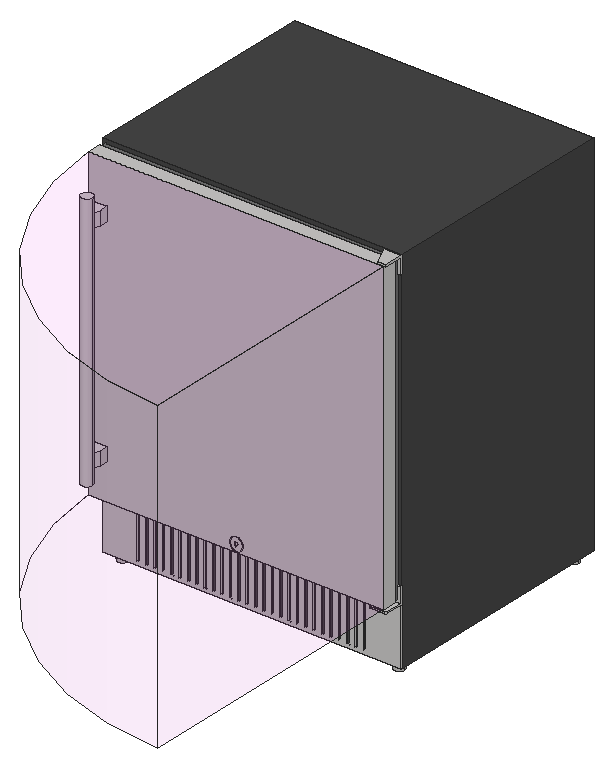
Revit family "QF_Summit_FF27BSS_All_Refrigerator", category Specialty Equipment, Revit 2020
Family settings
  Round Connector Dimension = Use Diameter
  Part Type = Normal
  Work Plane-Based = No
  Always vertical = Yes
  Cut with Voids When Loaded = No
  Shared = No
  Room Calculation Point = No
Parameters
  Weight in Pounds = 101
  Watts = if(Phase = 3, Volts * FL Amps * 1.73, Volts * FL Amps)  # 143.75 W
  Volts = 115 V
  URL Cutsheet = ""
  Specification by User = ""
  Specification by Manufacturer = ""
  Show RHD [instance] = yes
  Show LHD [instance] = not(Show RHD)  # no
  Show Feet [instance] = not(Show Casters)  # yes
  Show Clearance [instance] = yes
  Show Casters [instance] = no
  Serial Number = ""
  Seismic Rating = ""
  SMACNA No = ""
  Revision Code = ""
  Phase = 1
  Number of Poles = 1
  NAFEM Spec ID Number = ""
  Model = "FF27BSS"
  Min Ckt Ampacity = 0 A
  Max Overcurrent Protection = 0 A
  Masterspec = ""
  Manufacturer = "Summit"
  Length = 26 3/4"
  Item Number = ""
  Installed By = ""
  Identify Quantity as Lot = yes
  Height = 33 7/8"
  HP = ""
  Furnished By = ""
  Foodservice Equipment Identifier = yes
  FL Amps = 1.25 A
  Electrical Remarks = ""
  Electric Connection Type = ""
  Elec Conn RI Height = 0"
  Elec Conn Connection Height = 0"
  Description = "All-Refrigerator"
  Depth = 23 1/4"
  Default Elevation = 0"
  Cycle = 60 Hz
  Conn Plug = ""
  Conn Conduit = yes
  CSI MasterFormat = ""
  Base Hieght [instance] = if(Show Feet, 3/4", if(Show Casters, 3", 3/4"))  # 3/4"
  Apparent Power = if(Phase = 3, Volts * FL Amps * 1.73, Volts * FL Amps)  # 143.75 VA
Reference planes (in)
  plane 1 "BACK": y = 0
  plane 2: z = 0
  plane 3 "LEFT": x = 0
  plane 4 "RIGHT": x = 26.75
  plane 5 "FRONT": y = -23.25
  plane 6 "TOP": z = 33.875
  plane 7 "Center Y": x = 13.375
  plane 8 "Center X": y = -11.625
  plane 9 "Base Height": z = 0.75
  plane 10: y = -48.5
  plane 11: y = -25.25
  plane 12: y = -21.5
  plane 13: z = 5.875
Forms (in)
  Extrusion 1, solid, material "QF_Metal_Black"
    sketch origin (0, 0, 0.75) x (-1, 0, 0) y (0, -1, 0)
      loop
        line (0, 0) -> (0, 21.5) -> (-26.75, 21.5) -> (-26.75, 0) -> (0, 0)
    from 0 to 33.125
  Extrusion 2, solid, material "QF_Rubber - Black - Smooth"
    sketch origin (26.75, -21.5, 0.75) x (-1, 0, 0) y (0, 0, -1)
      loop
        line (0.3125, -32.8125) -> (26.4375, -32.8125) -> (26.4375, -5.4375) -> (0.3125, -5.4375) -> (0.3125, -32.8125)
    from 0 to 0.5
  Extrusion 3, solid, material "QF_Metal - Stainless - Polished"
    sketch origin (26.75, -22, 0.75) x (-1, 0, 0) y (0, 0, -1)
      loop
        line (0.1875, -32.875) -> (26.5625, -32.875) -> (26.5625, -5.375) -> (0.1875, -5.375) -> (0.1875, -32.875)
    from 0 to 1.25
  Extrusion 4, solid, material "QF_Metal - Stainless - Polished"
    sketch origin (26.75, -21.5, 0.75) x (-1, 0, 0) y (0, 0, -1)
      loop
        line (26.75, -5.125) -> (26.75, 0) -> (0, 0) -> (0, -5.125) -> (26.75, -5.125)
      loop
        line (23.375, -0.3125) -> (23.375, -4.8125) -> (23.625, -4.8125) -> (23.625, -0.3125) -> (23.375, -0.3125)
      loop
        line (22.625, -0.3125) -> (22.625, -4.8125) -> (22.875, -4.8125) -> (22.875, -0.3125) -> (22.625, -0.3125)
      loop
        line (21.875, -0.3125) -> (21.875, -4.8125) -> (22.125, -4.8125) -> (22.125, -0.3125) -> (21.875, -0.3125)
      loop
        line (21.125, -0.3125) -> (21.125, -4.8125) -> (21.375, -4.8125) -> (21.375, -0.3125) -> (21.125, -0.3125)
      loop
        line (20.625, -4.8125) -> (20.625, -0.3125) -> (20.375, -0.3125) -> (20.375, -4.8125) -> (20.625, -4.8125)
      loop
        line (19.875, -4.8125) -> (19.875, -0.3125) -> (19.625, -0.3125) -> (19.625, -4.8125) -> (19.875, -4.8125)
      loop
        line (19.125, -4.8125) -> (19.125, -0.3125) -> (18.875, -0.3125) -> (18.875, -4.8125) -> (19.125, -4.8125)
      loop
        line (18.375, -4.8125) -> (18.375, -0.3125) -> (18.125, -0.3125) -> (18.125, -4.8125) -> (18.375, -4.8125)
      loop
        line (17.625, -4.8125) -> (17.625, -0.3125) -> (17.375, -0.3125) -> (17.375, -4.8125) -> (17.625, -4.8125)
      loop
        line (16.875, -4.8125) -> (16.875, -0.3125) -> (16.625, -0.3125) -> (16.625, -4.8125) -> (16.875, -4.8125)
      loop
        line (16.125, -4.8125) -> (16.125, -0.3125) -> (15.875, -0.3125) -> (15.875, -4.8125) -> (16.125, -4.8125)
      loop
        line (15.375, -4.8125) -> (15.375, -0.3125) -> (15.125, -0.3125) -> (15.125, -4.8125) -> (15.375, -4.8125)
      loop
        line (14.625, -4.8125) -> (14.625, -0.3125) -> (14.375, -0.3125) -> (14.375, -4.8125) -> (14.625, -4.8125)
      loop
        line (13.875, -4.8125) -> (13.875, -0.3125) -> (13.625, -0.3125) -> (13.625, -4.8125) -> (13.875, -4.8125)
      loop
        line (13.125, -4.8125) -> (13.125, -0.3125) -> (12.875, -0.3125) -> (12.875, -4.8125) -> (13.125, -4.8125)
      loop
        line (12.375, -4.8125) -> (12.375, -0.3125) -> (12.125, -0.3125) -> (12.125, -4.8125) -> (12.375, -4.8125)
      loop
        line (11.625, -4.8125) -> (11.625, -0.3125) -> (11.375, -0.3125) -> (11.375, -4.8125) -> (11.625, -4.8125)
      loop
        line (10.875, -4.8125) -> (10.875, -0.3125) -> (10.625, -0.3125) -> (10.625, -4.8125) -> (10.875, -4.8125)
      loop
        line (10.125, -4.8125) -> (10.125, -0.3125) -> (9.875, -0.3125) -> (9.875, -4.8125) -> (10.125, -4.8125)
      loop
        line (9.375, -4.8125) -> (9.375, -0.3125) -> (9.125, -0.3125) -> (9.125, -4.8125) -> (9.375, -4.8125)
      loop
        line (8.625, -4.8125) -> (8.625, -0.3125) -> (8.375, -0.3125) -> (8.375, -4.8125) -> (8.625, -4.8125)
      loop
        line (7.875, -4.8125) -> (7.875, -0.3125) -> (7.625, -0.3125) -> (7.625, -4.8125) -> (7.875, -4.8125)
      loop
        line (6.875, -0.3125) -> (6.875, -4.8125) -> (7.125, -4.8125) -> (7.125, -0.3125) -> (6.875, -0.3125)
      loop
        line (6.375, -4.8125) -> (6.375, -0.3125) -> (6.125, -0.3125) -> (6.125, -4.8125) -> (6.375, -4.8125)
      loop
        line (5.625, -4.8125) -> (5.625, -0.3125) -> (5.375, -0.3125) -> (5.375, -4.8125) -> (5.625, -4.8125)
      loop
        line (4.875, -4.8125) -> (4.875, -0.3125) -> (4.625, -0.3125) -> (4.625, -4.8125) -> (4.875, -4.8125)
      loop
        line (3.875, -0.3125) -> (3.875, -4.8125) -> (4.125, -4.8125) -> (4.125, -0.3125) -> (3.875, -0.3125)
      loop
        line (3.125, -0.3125) -> (3.125, -4.8125) -> (3.375, -4.8125) -> (3.375, -0.3125) -> (3.125, -0.3125)
    from -0.0625 to 0.03516
  Revolve 5, solid, material "QF_Metal - Stainless - Polished", visible <- "Show Feet"
    sketch origin (0, -1, 0) x (1, 0, 0) y (0, 0, 1)
      loop
        line (25.75886, 0) -> (25.75886, 0.75) -> (25.1875, 0.75) -> (25.31256, 0) -> (25.75886, 0)
      axis (25.75886, 0.75) -> (25.75886, 0)
    angle from 0 to 360
  Revolve 6, solid, material "QF_Metal - Stainless - Polished", visible <- "Show Feet"
    sketch origin (26.75, -1, 0) x (-1, 0, 0) y (0, 0, 1)
      loop
        line (25.75886, 0) -> (25.75886, 0.75) -> (25.1875, 0.75) -> (25.31256, 0) -> (25.75886, 0)
      axis (25.75886, 0.75) -> (25.75886, 0)
    angle from 0 to 360
  Revolve 7, solid, material "QF_Metal - Stainless - Polished", visible <- "Show Feet"
    sketch origin (0, -20.5, 0) x (1, 0, 0) y (0, 0, 1)
      loop
        line (25.75886, 0) -> (25.75886, 0.75) -> (25.1875, 0.75) -> (25.31256, 0) -> (25.75886, 0)
      axis (25.75886, 0.75) -> (25.75886, 0)
    angle from 0 to 360
  Revolve 8, solid, material "QF_Metal - Stainless - Polished", visible <- "Show Feet"
    sketch origin (26.75, -20.5, 0) x (-1, 0, 0) y (0, 0, 1)
      loop
        line (25.75886, 0) -> (25.75886, 0.75) -> (25.1875, 0.75) -> (25.31256, 0) -> (25.75886, 0)
      axis (25.75886, 0.75) -> (25.75886, 0)
    angle from 0 to 360
  Extrusion 9, solid, material "QF_Metal - Stainless - Polished", visible <- "Show RHD"
    sketch origin (0, 0, 0.75) x (-1, 0, 0) y (0, -1, 0)
      loop
        circle (-1.1875, 24.75) r 0.5
    from 7.3125 to 30.3125
  Extrusion 10, solid, material "QF_Metal - Stainless - Polished", visible <- "Show RHD"
    sketch origin (0, 0, 0.75) x (-1, 0, 0) y (0, -1, 0)
      loop
        line (-0.5625, 23.25) -> (-0.5625, 24) -> (-0.74842, 24.51081)
        arc (-0.74842, 24.51081) -> (-1.1875, 24.25) -> (-1.62658, 24.51081) r 0.5
        line (-1.62658, 24.51081) -> (-1.8125, 24) -> (-1.8125, 23.25) -> (-0.5625, 23.25)
    from 27.8125 to 29.0625
  Extrusion 11, solid, material "QF_Metal - Stainless - Polished", visible <- "Show RHD"
    sketch origin (0, 0, 0.75) x (-1, 0, 0) y (0, -1, 0)
      loop
        line (-1.8125, 24) -> (-1.8125, 23.25) -> (-0.5625, 23.25) -> (-0.5625, 24) -> (-0.74842, 24.51081)
        arc (-0.74842, 24.51081) -> (-1.1875, 24.25) -> (-1.62658, 24.51081) r 0.5
        line (-1.62658, 24.51081) -> (-1.8125, 24)
    from 8.5625 to 9.8125
  Extrusion 12, solid, material "QF_Metal - Stainless - Polished", visible <- "Show RHD"
    sketch origin (26.75, -21.5, 0.75) x (-1, 0, 0) y (0, 0, -1)
      loop
        line (0, -33.125) -> (1.5, -33.125) -> (1.5, -32.875) -> (0.25, -32.875) -> (0.25, -31.625) -> (0, -31.625) -> (0, -33.125)
      loop
        line (0, -5.125) -> (0, -6.625) -> (0.25, -6.625) -> (0.25, -5.375) -> (1.5, -5.375) -> (1.5, -5.125) -> (0, -5.125)
    from 0 to 0.125
  Extrusion 13, solid, material "QF_Metal - Stainless - Polished", visible <- "Show RHD"
    sketch origin (26.75, -21.5, 33.875) x (-1, 0, 0) y (0, -1, 0)
      loop
        line (1.5, 0) -> (1.5, 0.125) -> (0.6875, 1.75) -> (0, 1.75) -> (0, 0) -> (1.5, 0)
    from 0 to -0.125
  Extrusion 14, solid, material "QF_Metal - Stainless - Polished"
    sketch origin (26.75, -21.5, 33.75) x (0, -1, 0) y (-1, 0, 0)
      loop
        circle (1.1875, 0.75) r 0.11776
    from 0 to 0.125
  Extrusion 15, solid, material "QF_Metal - Stainless - Polished", visible <- "Show RHD"
    sketch origin (26.75, -21.5, 5.875) x (0, 1, 0) y (1, 0, 0)
      loop
        line (-0.125, 0) -> (-1.61884, 0)
        arc (-1.61884, 0) -> (-1.71158, -0.03842) -> (-1.75, -0.13116) r 0.13116
        line (-1.75, -0.13116) -> (-1.75, -1.36719)
        arc (-1.75, -1.36719) -> (-1.7111, -1.4611) -> (-1.61719, -1.5) r 0.13281
        line (-1.61719, -1.5) -> (-0.125, -1.5) -> (-0.125, 0)
    from 0 to -0.125
  Extrusion 16, solid, material "QF_Metal - Stainless - Polished"
    sketch origin (26.75, -21.5, 6) x (0, 1, 0) y (-1, 0, 0)
      loop
        circle (-1.1875, 0.75) r 0.11776
      loop
        circle (-1.1875, 1.19544) r 0.11776
    from 0 to 0.125
  Extrusion 17, solid, material "QF_Rubber - Black - Smooth"
    sketch origin (-4.07559, 0, 0.75) x (1, 0, 0) y (0, 0, -1)
      loop
        circle (24.63475, -1.63661) r 0.25
    from 0 to 0.0625
  Extrusion 18, void
    sketch origin (26.75, -23.25, 0.75) x (1, 0, 0) y (0, 0, -1)
      loop
        circle (-13.375, -6.03137) r 0.57159
    from -0.0625 to 0.0625
  Extrusion 19, solid, material "QF_Metal - Stainless - Polished", visible <- "Show RHD"
    sketch origin (26.75, -23.1875, 0.75) x (-1, 0, 0) y (0, 0, -1)
      loop
        circle (13.375, -6.03265) r 0.5625
      loop
        circle (13.375, -6.03265) r 0.1875
    from 0 to 0.0625
  Extrusion 20, solid, material "QF_Clearances_Door_Drawer", visible <- "Show RHD"
    sketch origin (0, 0, 0.75) x (-1, 0, 0) y (0, -1, 0)
      loop
        line (-26.5625, 48.49414) -> (-26.5625, 23.25) -> (-0.18177, 23.25)
        arc (-0.18177, 23.25) -> (-8.45797, 41.00749) -> (-26.5625, 48.49414) r 27
    from 5.375 to 32.875
  Extrusion 21, solid, material "QF_Metal - Stainless - Polished", visible <- "Show LHD"
    sketch origin (26.75, 0, 0.75) x (1, 0, 0) y (0, 1, 0)
      loop
        circle (-1.1875, -24.75) r 0.5
    from 7.3125 to 30.3125
  Extrusion 22, solid, material "QF_Metal - Stainless - Polished", visible <- "Show LHD"
    sketch origin (26.75, 0, 0.75) x (1, 0, 0) y (0, 1, 0)
      loop
        line (-0.5625, -23.25) -> (-1.8125, -23.25) -> (-1.8125, -24) -> (-1.62658, -24.51081)
        arc (-1.62658, -24.51081) -> (-1.1875, -24.25) -> (-0.74842, -24.51081) r 0.5
        line (-0.74842, -24.51081) -> (-0.5625, -24) -> (-0.5625, -23.25)
    from 27.8125 to 29.0625
  Extrusion 23, solid, material "QF_Metal - Stainless - Polished", visible <- "Show LHD"
    sketch origin (26.75, 0, 0.75) x (1, 0, 0) y (0, 1, 0)
      loop
        line (-1.8125, -24) -> (-1.62658, -24.51081)
        arc (-1.62658, -24.51081) -> (-1.1875, -24.25) -> (-0.74842, -24.51081) r 0.5
        line (-0.74842, -24.51081) -> (-0.5625, -24) -> (-0.5625, -23.25) -> (-1.8125, -23.25) -> (-1.8125, -24)
    from 8.5625 to 9.8125
  Extrusion 24, solid, material "QF_Metal - Stainless - Polished", visible <- "Show LHD"
    sketch origin (0, -21.5, 0.75) x (1, 0, 0) y (0, 0, 1)
      loop
        line (0, 33.125) -> (0, 31.625) -> (0.25, 31.625) -> (0.25, 32.875) -> (1.5, 32.875) -> (1.5, 33.125) -> (0, 33.125)
      loop
        line (0, 5.125) -> (1.5, 5.125) -> (1.5, 5.375) -> (0.25, 5.375) -> (0.25, 6.625) -> (0, 6.625) -> (0, 5.125)
    from 0 to 0.125
  Extrusion 25, solid, material "QF_Metal - Stainless - Polished", visible <- "Show LHD"
    sketch origin (0, -21.5, 33.875) x (1, 0, 0) y (0, 1, 0)
      loop
        line (1.5, 0) -> (0, 0) -> (0, -1.75) -> (0.6875, -1.75) -> (1.5, -0.125) -> (1.5, 0)
    from 0 to -0.125
  Extrusion 26, solid, material "QF_Metal - Stainless - Polished", visible <- "Show LHD"
    sketch origin (0, -21.5, 5.875) x (0, -1, 0) y (-1, 0, 0)
      loop
        line (0.125, 0) -> (0.125, -1.5) -> (1.61719, -1.5)
        arc (1.61719, -1.5) -> (1.7111, -1.4611) -> (1.75, -1.36719) r 0.13281
        line (1.75, -1.36719) -> (1.75, -0.13116)
        arc (1.75, -0.13116) -> (1.71158, -0.03842) -> (1.61884, 0) r 0.13116
        line (1.61884, 0) -> (0.125, 0)
    from 0 to -0.125
  Extrusion 27, solid, material "QF_Metal - Stainless - Polished", visible <- "Show LHD"
    sketch origin (0, -23.1875, 0.75) x (1, 0, 0) y (0, 0, 1)
      loop
        circle (13.375, 6.03265) r 0.5625
      loop
        circle (13.375, 6.03265) r 0.1875
    from 0 to 0.0625
  Extrusion 28, solid, material "QF_Clearances_Door_Drawer", visible <- "Show LHD"
    sketch origin (26.75, 0, 0.75) x (1, 0, 0) y (0, 1, 0)
      loop
        arc (-26.5625, -48.49414) -> (-8.45797, -41.00749) -> (-0.18177, -23.25) r 27
        line (-0.18177, -23.25) -> (-26.5625, -23.25) -> (-26.5625, -48.49414)
    from 5.375 to 32.875
Cuts and joins
  joined: Extrusion 12, Extrusion 13, Extrusion 15
  Extrusion 18 cuts Extrusion 3
Lines and regions (in)
  symbolic lines
    curve 1: line (0, 0, 0.75) -> (26.75, 0, 0.75)
    curve 2: line (0, -21.5, 0.75) -> (0, 0, 0.75)
    curve 3: line (26.75, -21.5, 0.75) -> (0, -21.5, 0.75)
    curve 4: line (26.75, 0, 0.75) -> (26.75, -21.5, 0.75)
  symbolic lines, visible <- "Show RHD"
    curve 5: line (0.3125, -21.5, 0.75) -> (0.3125, -22, 0.75)
    curve 6: line (0.1875, -22, 0.75) -> (0.1875, -23.25, 0.75)
    curve 7: line (25.4375, -22, 0.75) -> (0.1875, -22, 0.75)
    curve 8: line (0.1875, -23.25, 0.75) -> (26.75, -23.25, 0.75)
    curve 9: line (25.25, -21.5, 0.75) -> (25.25, -21.625, 0.75)
    curve 10: line (25.25, -21.625, 0.75) -> (26.0625, -23.25, 0.75)
    curve 11: line (0.5625, -23.25, 0.75) -> (0.5625, -24, 0.75)
    curve 12: line (0.5625, -24, 0.75) -> (0.74842, -24.51081, 0.75)
    curve 13: line (1.8125, -23.25, 0.75) -> (1.8125, -24, 0.75)
    curve 14: line (1.8125, -24, 0.75) -> (1.62658, -24.51081, 0.75)
    curve 15: arc (0.6875, -24.75, 0.75) -> (1.1875, -25.25, 0.75) -> (1.6875, -24.75, 0.75) r 0.5
    curve 16: arc (1.6875, -24.75, 0.75) -> (1.1875, -24.25, 0.75) -> (0.6875, -24.75, 0.75) r 0.5
    curve 31: line (26.75, -21.5, 0.75) -> (26.75, -23.25, 0.75)
  symbolic lines, style "QF_Clearances_Door_Drawer", visible <- "Show RHD"
    curve 17: arc (0.18177, -23.25, 0.75) -> (1.48575, -29.96338, 0.75) -> (4.43464, -36.13378, 0.75) r 27
    curve 18: line (26.75, -23.25, 0.75) -> (4.43464, -36.13378, 0.75)
  symbolic lines, visible <- "Show LHD"
    curve 19: line (26.4375, -21.5, 0.75) -> (26.4375, -22, 0.75)
    curve 20: line (26.5625, -22, 0.75) -> (26.5625, -23.25, 0.75)
    curve 21: line (1.3125, -22, 0.75) -> (26.5625, -22, 0.75)
    curve 22: line (26.5625, -23.25, 0.75) -> (0, -23.25, 0.75)
    curve 23: line (26.1875, -23.25, 0.75) -> (26.1875, -24, 0.75)
    curve 24: line (26.1875, -24, 0.75) -> (26.00158, -24.51081, 0.75)
    curve 25: line (24.9375, -23.25, 0.75) -> (24.9375, -24, 0.75)
    curve 26: line (24.9375, -24, 0.75) -> (25.12342, -24.51081, 0.75)
    curve 27: arc (26.0625, -24.75, 0.75) -> (25.5625, -25.25, 0.75) -> (25.0625, -24.75, 0.75) r 0.5
    curve 28: arc (25.0625, -24.75, 0.75) -> (25.5625, -24.25, 0.75) -> (26.0625, -24.75, 0.75) r 0.5
    curve 32: line (0, -21.5, 0.75) -> (0, -23.25, 0.75)
    curve 33: line (1.5, -21.5, 0.75) -> (1.5, -21.625, 0.75)
    curve 34: line (1.5, -21.625, 0.75) -> (0.6875, -23.25, 0.75)
  symbolic lines, style "QF_Clearances_Door_Drawer", visible <- "Show LHD"
    curve 29: arc (26.56823, -23.25, 0.75) -> (25.26425, -29.96338, 0.75) -> (22.31536, -36.13378, 0.75) r 27
    curve 30: line (0, -23.25, 0.75) -> (22.31536, -36.13378, 0.75)
Dimensions and locks (in)
  equal spacing: plane 3 "LEFT", plane 7 "Center Y", plane 4 "RIGHT"
  "Length": plane 3 "LEFT" to plane 4 "RIGHT"
  equal spacing: plane 5 "FRONT", plane 8 "Center X", plane 1 "BACK"
  "Depth": plane 5 "FRONT" to plane 1 "BACK"
  plane 6 "TOP" to plane 13 = 28"
  plane 10 to plane 1 "BACK" = 48 1/2"
  "Base Hieght": plane 9 "Base Height" to level
  plane 5 "FRONT" to plane 11 = 2"
  plane 12 to plane 1 "BACK" = 21 1/2"
  plane 13 to plane 9 "Base Height" = 5 1/8"
  plane 6 "TOP" to level = 33 7/8"
  aligned and locked: level to plane 2
  aligned and locked: plane 6 "TOP" to Extrusion 1
  aligned and locked: Extrusion 20 to cut or joined group of Extrusion 3, Extrusion 18
Automatic sketch dimensions
  plane 1 "BACK" to Extrusion 1 sketch curve = 0"
  Extrusion 1 sketch curve to plane 4 "RIGHT" = 0"
  Extrusion 1 sketch curve to plane 3 "LEFT" = 0"
  Extrusion 1 sketch curve to plane 12 = 0"
  Revolve 5 sketch curve to plane 9 "Base Height" = 0"
  Revolve 5 sketch curve to level = 0"  (x2)
  plane 4 "RIGHT" to Revolve 5 sketch curve = 1 9/16"
  Revolve 5 sketch curve to Revolve 5 sketch curve = 0.12506"
  Revolve 5 sketch curve to Revolve 5 sketch curve = 0.4463"
  Revolve 5 sketch curve to Revolve 5 sketch curve = 0"
  Revolve 5 sketch curve to level = 1 1/4"
  Revolve 6 sketch curve to plane 9 "Base Height" = 0"
  Revolve 6 sketch curve to level = 0"  (x2)
  Revolve 6 sketch curve to plane 3 "LEFT" = 1 9/16"
  Revolve 6 sketch curve to Revolve 6 sketch curve = 0.12506"
  Revolve 6 sketch curve to Revolve 6 sketch curve = 0.4463"
  Revolve 6 sketch curve to Revolve 6 sketch curve = 0"
  level to Revolve 6 sketch curve = 1 1/4"
  Revolve 7 sketch curve to plane 9 "Base Height" = 0"
  Revolve 7 sketch curve to level = 0"  (x2)
  plane 4 "RIGHT" to Revolve 7 sketch curve = 1 9/16"
  Revolve 7 sketch curve to Revolve 7 sketch curve = 0.12506"
  Revolve 7 sketch curve to Revolve 7 sketch curve = 0.4463"
  Revolve 7 sketch curve to Revolve 7 sketch curve = 0"
  Revolve 7 sketch curve to level = 1 1/4"
  Revolve 8 sketch curve to plane 9 "Base Height" = 0"
  Revolve 8 sketch curve to level = 0"  (x2)
  Revolve 8 sketch curve to plane 3 "LEFT" = 1 9/16"
  Revolve 8 sketch curve to Revolve 8 sketch curve = 0.12506"
  Revolve 8 sketch curve to Revolve 8 sketch curve = 0.4463"
  Revolve 8 sketch curve to Revolve 8 sketch curve = 0"
  level to Revolve 8 sketch curve = 1 1/4"
  plane 5 "FRONT" to Extrusion 10 sketch curve = 0"
  plane 3 "LEFT" to Extrusion 10 sketch curve = 1 13/16"
  Extrusion 10 sketch curve to Extrusion 10 sketch curve = 0.18592"  (x2)
  Extrusion 10 sketch curve to Extrusion 10 sketch curve = 0.43908"  (x2)
  Extrusion 10 sketch curve to Extrusion 10 sketch curve = 3/4"  (x2)
  Extrusion 10 sketch curve to Extrusion 10 sketch curve = 0.51081"
  Extrusion 10 sketch curve to Extrusion 10 sketch curve = 0.23919"
  plane 5 "FRONT" to Extrusion 11 sketch curve = 0"
  plane 5 "FRONT" to Extrusion 11 sketch curve = 3/4"
  plane 3 "LEFT" to Extrusion 11 sketch curve = 1 13/16"
  plane 11 to Extrusion 11 sketch curve = 0.73919"  (x2)
  Extrusion 11 sketch curve to Extrusion 11 sketch curve = 0.18592"
  Extrusion 11 sketch curve to Extrusion 11 sketch curve = 0.43908"
  plane 3 "LEFT" to Extrusion 11 sketch curve = 9/16"
  Extrusion 11 sketch curve to Extrusion 11 sketch curve = 0.51081"
  Extrusion 11 sketch curve to Extrusion 11 sketch curve = 0.23919"
  Extrusion 20 sketch curve to plane 12 = 0"
  plane 5 "FRONT" to Extrusion 20 sketch curve = 0"
  Extrusion 20 sketch curve to plane 4 "RIGHT" = 3/8"
  plane 10 to Extrusion 20 sketch curve = 0.00586"
  plane 4 "RIGHT" to Extrusion 20 sketch curve = 3/16"
  Extrusion 21 sketch curve to plane 11 = 1/2"
  Extrusion 21 sketch curve to plane 4 "RIGHT" = 1 3/16"
  plane 5 "FRONT" to Extrusion 22 sketch curve = 0"
  Extrusion 22 sketch curve to plane 4 "RIGHT" = 1 13/16"
  Extrusion 22 sketch curve to plane 11 = 0.73919"  (x2)
  Extrusion 22 sketch curve to Extrusion 22 sketch curve = 0.18592"  (x2)
  Extrusion 22 sketch curve to Extrusion 22 sketch curve = 0.43908"
  Extrusion 22 sketch curve to plane 5 "FRONT" = 3/4"
  Extrusion 22 sketch curve to Extrusion 22 sketch curve = 0.51081"
  Extrusion 22 sketch curve to Extrusion 22 sketch curve = 0.23919"
  plane 5 "FRONT" to Extrusion 23 sketch curve = 0"
  Extrusion 23 sketch curve to plane 5 "FRONT" = 3/4"
  Extrusion 23 sketch curve to plane 4 "RIGHT" = 1 13/16"
  Extrusion 23 sketch curve to plane 11 = 0.73919"  (x2)
  Extrusion 23 sketch curve to Extrusion 23 sketch curve = 0.18592"
  Extrusion 23 sketch curve to Extrusion 23 sketch curve = 0.43908"
  Extrusion 23 sketch curve to Extrusion 23 sketch curve = 1 1/4"
  Extrusion 23 sketch curve to Extrusion 23 sketch curve = 0.51081"
  Extrusion 23 sketch curve to Extrusion 23 sketch curve = 0.23919"
  plane 12 to Extrusion 28 sketch curve = 0"
  plane 5 "FRONT" to Extrusion 28 sketch curve = 0"
  Extrusion 28 sketch curve to plane 4 "RIGHT" = 27 1/8"
  Extrusion 28 sketch curve to plane 10 = 0.00586"
  Extrusion 28 sketch curve to plane 4 "RIGHT" = 26 9/16"
  curve 15 to curve 16 = 0"  (x2)
  curve 27 to curve 28 = 0"  (x2)
  curve 17 to plane 12 = 0"
  plane 1 "BACK" to curve 1 = 0"
  curve 1 to plane 4 "RIGHT" = 0"
  plane 5 "FRONT" to curve 29 = 0"
  plane 5 "FRONT" to curve 20 = 0"
  curve 19 to plane 12 = 0"
  curve 2 to plane 3 "LEFT" = 0"
  curve 29 to plane 12 = 0"
  curve 17 to plane 4 "RIGHT" = 3/8"
  curve 8 to curve 20 = 3/16"
  plane 4 "RIGHT" to curve 24 = 9/16"
  plane 11 to curve 28 = 1/2"
  curve 23 to curve 28 = 5/8"
  curve 10 to plane 12 = 1/8"
  curve 20 to curve 10 = 1 5/16"
  curve 27 to curve 25 = 5/8"
  plane 4 "RIGHT" to curve 30 = 4.43464"
  plane 3 "LEFT" to curve 18 = 4.43464"
  plane 5 "FRONT" to curve 13 = 3/4"
  plane 3 "LEFT" to curve 13 = 1 13/16"
  curve 33 to plane 12 = 1/8"
  plane 3 "LEFT" to curve 33 = 1 1/2"
  plane 11 to curve 16 = 1/2"
  curve 13 to curve 16 = 5/8"
  plane 3 "LEFT" to curve 11 = 9/16"
  plane 3 "LEFT" to curve 6 = 3/16"
  curve 29 to plane 3 "LEFT" = 3/8"
  curve 21 to plane 12 = 1/2"
  curve 6 to plane 12 = 1/2"
  plane 5 "FRONT" to curve 11 = 3/4"
  plane 5 "FRONT" to curve 23 = 3/4"
  plane 5 "FRONT" to curve 25 = 3/4"
  curve 18 to plane 11 = 10.88378"
  curve 30 to plane 11 = 10.88378"
  curve 20 to curve 19 = 1/8"
  curve 28 to curve 27 = 1/2"
  curve 23 to curve 10 = 1/8"
  plane 11 to curve 24 = 0.73919"
  plane 11 to curve 26 = 0.73919"
  curve 16 to curve 15 = 1/2"
  plane 11 to curve 14 = 0.73919"
  curve 33 to curve 21 = 3/16"
  plane 11 to curve 12 = 0.73919"
  curve 5 to curve 6 = 1/8"
  Extrusion 2 sketch curve to Extrusion 1 = 5/16"
  Extrusion 1 to Extrusion 2 sketch curve = 5/16"  (x2)
  Extrusion 1 to Extrusion 2 sketch curve = 5 7/16"
  Extrusion 2 to Extrusion 3 sketch curve = 1/8"  (x2)
  Extrusion 2 to Extrusion 3 sketch curve = 1/16"  (x2)
  Extrusion 4 sketch curve to Extrusion 1 = 0"  (x3)
  Extrusion 4 sketch curve to Extrusion 1 = 3 1/8"
  Extrusion 4 sketch curve to Extrusion 4 sketch curve = 1/4"  (x28)
  Extrusion 4 sketch curve to Extrusion 4 sketch curve = 1/2"  (x27)
  Extrusion 1 to Extrusion 4 sketch curve = 5/16"  (x28)
  Extrusion 4 sketch curve to Extrusion 4 sketch curve = 4 1/2"  (x2)
  Extrusion 4 sketch curve to Extrusion 4 sketch curve = 0"  (x26)
  Extrusion 4 sketch curve to Extrusion 4 sketch curve = 5/16"
  Extrusion 12 sketch curve to Extrusion 1 = 0"  (x3)
  Extrusion 12 sketch curve to Extrusion 1 = 1/4"
  Extrusion 12 sketch curve to Extrusion 12 sketch curve = 1/4"  (x2)
  Extrusion 12 sketch curve to Extrusion 12 sketch curve = 1 1/4"  (x4)
  Extrusion 1 to Extrusion 12 sketch curve = 1/4"
  Extrusion 1 to Extrusion 12 sketch curve = 6 5/8"
  Extrusion 13 sketch curve to Extrusion 12 = 0"  (x4)
  Extrusion 12 to Extrusion 13 sketch curve = 11/16"
  Extrusion 13 sketch curve to Extrusion 12 = 1 5/8"
  Extrusion 13 to Extrusion 14 sketch curve = 9/16"
  Extrusion 13 to Extrusion 14 sketch curve = 3/4"
  Extrusion 15 sketch curve to Extrusion 12 = 0"  (x3)
  Extrusion 12 to Extrusion 15 sketch curve = 17/128"
  Extrusion 12 to Extrusion 15 sketch curve = 1 63/128"
  Extrusion 15 sketch curve to Extrusion 15 sketch curve = 0.13116"
  Extrusion 16 sketch curve to Extrusion 15 = 9/16"
  Extrusion 16 sketch curve to Extrusion 16 sketch curve = 0"
  Extrusion 16 sketch curve to Extrusion 15 = 3/4"
  Extrusion 16 sketch curve to Extrusion 15 = 0.30456"
  Extrusion 1 to Extrusion 17 sketch curve = 1.63661"
  Extrusion 17 sketch curve to Extrusion 1 = 6.19084"
  Extrusion 3 to Extrusion 18 sketch curve = 0.65637"
  Extrusion 3 to Extrusion 18 sketch curve = 13 3/16"
  Extrusion 19 sketch curve to Extrusion 19 sketch curve = 0"  (x2)
  Extrusion 24 sketch curve to Extrusion 1 = 0"  (x3)
  Extrusion 1 to Extrusion 24 sketch curve = 1/4"  (x2)
  Extrusion 24 sketch curve to Extrusion 24 sketch curve = 1/4"  (x2)
  Extrusion 24 sketch curve to Extrusion 24 sketch curve = 1 1/4"  (x4)
  Extrusion 1 to Extrusion 24 sketch curve = 6 5/8"
  Extrusion 25 sketch curve to Extrusion 24 = 0"  (x4)
  Extrusion 24 to Extrusion 25 sketch curve = 11/16"
  Extrusion 25 sketch curve to Extrusion 24 = 1 5/8"
  Extrusion 24 to Extrusion 26 sketch curve = 0"
  Extrusion 26 sketch curve to Extrusion 24 = 0"  (x2)
  Extrusion 24 to Extrusion 26 sketch curve = 17/128"
  Extrusion 24 to Extrusion 26 sketch curve = 1 63/128"
  Extrusion 26 sketch curve to Extrusion 26 sketch curve = 0.13116"
  Extrusion 27 sketch curve to Extrusion 27 sketch curve = 0"  (x2)
  radius of Extrusion 21 sketch curve = 1/2"
  radius of Extrusion 14 sketch curve = 0.11776"
  radius of Extrusion 16 sketch curve = 0.11776"  (x2)
  radius of Extrusion 17 sketch curve = 1/4"
  radius of Extrusion 18 sketch curve = 0.57159"
  radius of Extrusion 19 sketch curve = 9/16"
  radius of Extrusion 19 sketch curve = 3/16"
  radius of Extrusion 27 sketch curve = 9/16"
  radius of Extrusion 27 sketch curve = 3/16"
Nested families (in)
  nested 1: "3 INCHES 01_CASTER" at (25.75886, -20.5, 0), visible <- "Show Casters", 3 Inches Caster <- "Show Casters", type "3 INCHES 01_CASTER"
    with Type Mark "", Specification by User "", Revision Code "", Item Number "", Installed By "", Identify Quantity as Lot yes, Furnished By "", Foodservice Equipment Identifier yes, 3 Inches Caster no
  nested 2: "3 INCHES 01_CASTER" at (0.99114, -20.5, 0), visible <- "Show Casters", 3 Inches Caster <- "Show Casters", type "3 INCHES 01_CASTER"
    with Type Mark "", Specification by User "", Revision Code "", Item Number "", Installed By "", Identify Quantity as Lot yes, Furnished By "", Foodservice Equipment Identifier yes, 3 Inches Caster no
  nested 3: "3 INCHES 01_CASTER" at (25.75886, -1, 0), visible <- "Show Casters", 3 Inches Caster <- "Show Casters", type "3 INCHES 01_CASTER"
    with Type Mark "", Specification by User "", Revision Code "", Item Number "", Installed By "", Identify Quantity as Lot yes, Furnished By "", Foodservice Equipment Identifier yes, 3 Inches Caster no
  nested 4: "3 INCHES 01_CASTER" at (0.99114, -1, 0), visible <- "Show Casters", 3 Inches Caster <- "Show Casters", type "3 INCHES 01_CASTER"
    with Type Mark "", Specification by User "", Revision Code "", Item Number "", Installed By "", Identify Quantity as Lot yes, Furnished By "", Foodservice Equipment Identifier yes, 3 Inches Caster no
Connectors (in)
  electrical at (20.55916, 0.0625, 2.38661), driven by "Volts"
    settings: on Extrusion 17, index 1, voltage 115 V, apparent load 0 VA, apparent load phase1 0 VA, apparent load phase2 0 VA, apparent load phase3 0 VA, power factor 1, load classification "Other", number of poles 1, system type 30, power factor state 1, is connector primary yes, connector utility no, sub classification motor no, connector description "Electrical Connection"
Definition of nested family "3 INCHES 01_CASTER"
  Parameters (values of type "3 INCHES 01_CASTER")
    Weight = ""
    URL Manufacturer = ""
    URL Cutsheet = ""
    URL = ""
    Type Mark [instance] = ""
    Specification by User [instance] = ""
    Specification by Manufacturer = ""
    Serial Number = ""
    Seismic Rating = ""
    SMACNA No = ""
    Revision Code [instance] = ""
    Omniclass Number and Title = ""
    NAFEM Spec ID Number = ""
    Model = ""
    MasterSpec. = ""
    Manufacturer = ""
    Item Number [instance] = ""
    Installed By [instance] = ""
    Identify Quantity as Lot [instance] = yes
    Furnished By [instance] = ""
    Foodservice Equipment Identifier [instance] = yes
    Description = ""
    Default Elevation = 0"
    CSI MasterFormat = ""
    CSI Master Format = ""
    Assembly Code = ""
    3 Inches Caster [instance] = yes
  Reference planes (in)
    plane 1: z = 0
    plane 2 "RIGHT": x = 0
    plane 3 "FRONT": y = 0
    plane 4 "TOP": z = 3.125
  Forms (in)
    Revolve 1, solid, visible <- "3 Inches Caster"
      sketch origin (-1.93794, 0.56004, -1.0041) x (1, 0, 0) y (0, 0, 1)
        loop
          line (0.74055, 2.11347) -> (0.74055, 2.03797) -> (0.79055, 1.98797) -> (0.85055, 1.98797) -> (0.85055, 1.8679) -> (1.235, 1.8679) -> (1.235, 1.7068) -> (1.36441, 1.63209) -> (1.4003, 1.41035) -> (1.34375, 1.41035) -> (1.34375, 1.28535) -> (1.375, 1.28535) -> (1.375, 1.0041) -> (2.48438, 1.0041) -> (2.48438, 1.28535) -> (2.51563, 1.28535) -> (2.51563, 1.41035) -> (2.45908, 1.41035) -> (2.49553, 1.6356) -> (2.62438, 1.70999) -> (2.62438, 1.8679) -> (3.04007, 1.8679) -> (3.04007, 1.98797) -> (3.10007, 1.98797) -> (3.15007, 2.03797) -> (3.15007, 2.11347) -> (0.74055, 2.11347)
        axis (0.74055, 2.11347) -> (3.15007, 2.11347)
      angle from 0 to 360
    Extrusion 2, solid, visible <- "3 Inches Caster"
      sketch origin (-1.93794, 1.35294, -3.2541) x (0, 1, 0) y (0, 0, 1)
        loop
          line (-0.41094, 5.86793) -> (-0.41094, 6.01276) -> (-2.29494, 6.01276) -> (-2.29494, 5.71244) -> (-1.82301, 5.71244)
          arc (-1.82301, 5.71244) -> (-1.00307, 5.59865) -> (-0.19592, 5.41488) r 9.6332
          arc (-0.19592, 5.41488) -> (0.12646, 5.29481) -> (0.42224, 5.11916) r 1.92059
          line (0.42224, 5.11916) -> (0.51314, 5.245)
          arc (0.51314, 5.245) -> (0.27353, 5.42569) -> (0.01201, 5.5729) r 2.25036
          line (0.01201, 5.5729) -> (0.09371, 5.71426)
          arc (0.09371, 5.71426) -> (-0.15272, 5.81043) -> (-0.41094, 5.86793) r 1.73151
      from 1.17357 to 2.70231
    Revolve 3, solid, visible <- "3 Inches Caster"
      sketch origin (0, 1.73858, -3.25) x (0, 1, 0) y (0, 0, 1)
        loop
          line (-1.73858, 6.375) -> (-1.73858, 6.00866) -> (-0.93293, 6.00866) -> (-0.93293, 6.375) -> (-1.73858, 6.375)
        axis (-1.73858, 6.00866) -> (-1.73858, 6.375)
      angle from 0 to 360
    Extrusion 4, solid, visible <- "3 Inches Caster"
      sketch origin (-1.98481, 1.35294, -1.7541) x (0, 1, 0) y (0, 0, 1)
        loop
          line (-2.29494, 4.51276) -> (-2.29494, 4.21244) -> (-2.2074, 4.21244)
          arc (-2.2074, 4.21244) -> (-1.58796, 3.87196) -> (-1.3103, 3.22193) r 1.0835
          arc (-1.3103, 3.22193) -> (-1.27304, 2.98711) -> (-1.19616, 2.76214) r 1.38462
          arc (-1.19616, 2.76214) -> (-0.77704, 2.49744) -> (-0.37393, 2.78593) r 0.44401
          arc (-0.37393, 2.78593) -> (-0.35491, 2.84407) -> (-0.34077, 2.90358) r 0.74034
          arc (-0.34077, 2.90358) -> (-0.07302, 3.38916) -> (0.4279, 3.62699) r 0.90376
          line (0.4279, 3.62699) -> (0.51314, 3.745)
          arc (0.51314, 3.745) -> (0.27353, 3.92569) -> (0.01201, 4.0729) r 2.25036
          line (0.01201, 4.0729) -> (0.09371, 4.21426)
          arc (0.09371, 4.21426) -> (-0.15272, 4.31043) -> (-0.41094, 4.36793) r 1.73151
          line (-0.41094, 4.36793) -> (-0.41094, 4.51276) -> (-2.29494, 4.51276)
      from 2.74918 to 2.90825
    Extrusion 5, solid, visible <- "3 Inches Caster"
      sketch origin (1.98481, 1.35294, -1.7541) x (0, 1, 0) y (0, 0, -1)
        loop
          line (-2.29494, -4.51276) -> (-0.41094, -4.51276) -> (-0.41094, -4.36793)
          arc (-0.41094, -4.36793) -> (-0.15272, -4.31043) -> (0.09371, -4.21426) r 1.73151
          line (0.09371, -4.21426) -> (0.01201, -4.0729)
          arc (0.01201, -4.0729) -> (0.27353, -3.92569) -> (0.51314, -3.745) r 2.25036
          line (0.51314, -3.745) -> (0.4279, -3.62699)
          arc (0.4279, -3.62699) -> (-0.07302, -3.38916) -> (-0.34077, -2.90358) r 0.90376
          arc (-0.34077, -2.90358) -> (-0.35491, -2.84407) -> (-0.37393, -2.78593) r 0.74034
          arc (-0.37393, -2.78593) -> (-0.77704, -2.49744) -> (-1.19616, -2.76214) r 0.44401
          arc (-1.19616, -2.76214) -> (-1.27304, -2.98711) -> (-1.3103, -3.22193) r 1.38462
          arc (-1.3103, -3.22193) -> (-1.58796, -3.87196) -> (-2.2074, -4.21244) r 1.0835
          line (-2.2074, -4.21244) -> (-2.29494, -4.21244) -> (-2.29494, -4.51276)
      from 2.74918 to 2.90825
  Cuts and joins
    joined: Extrusion 2, Extrusion 4, Extrusion 5
  Lines and regions (in)
    symbolic lines, visible <- "3 Inches Caster"
      curve 1: line (0.1877, 1.65194, 0) -> (0.89063, 1.2461, 0)
      curve 2: line (-1.00175, -0.40823, 0) -> (0.1877, 1.65194, 0)
      curve 3: line (-0.29881, -0.81407, 0) -> (-1.00175, -0.40823, 0)
      curve 4: line (0.89063, 1.2461, 0) -> (-0.29881, -0.81407, 0)
  Dimensions and locks (in)
    plane 4 "TOP" to level = 3 1/8"  (x2)
    aligned and locked: level to plane 1
